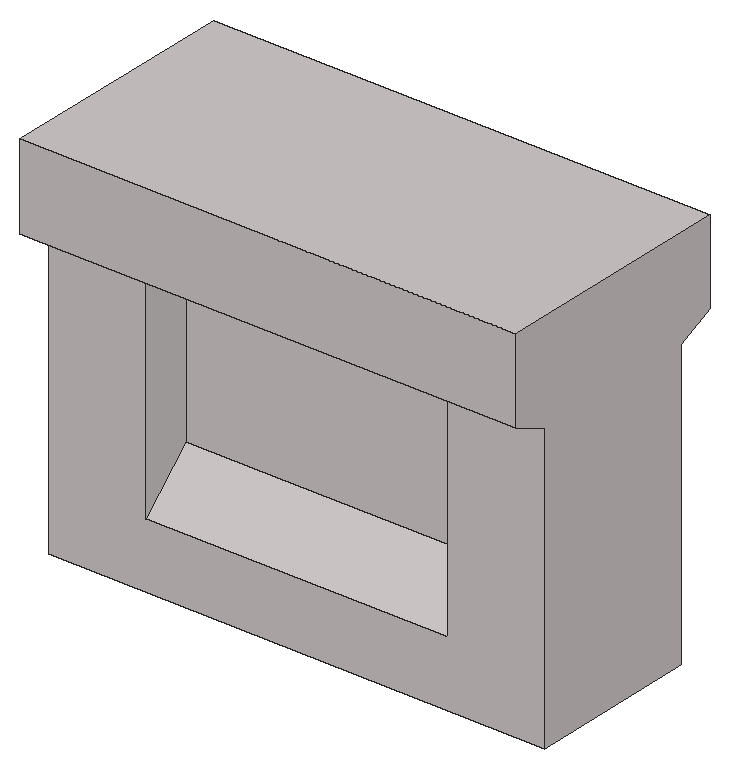
Revit family "M_Suporte reforçado de viga mestra em I pré-moldada", category Quadro estrutural, Revit 2019
Family settings
  Exibir em vistas ocultas = Arestas ocultadas por outros membros
  Arredondamento do comprimento do framing estrutural = 0 mm
  Forma do corte = Não definido
  Material para o comportamento do modelo = Concreto pré-moldado
  Exportar sempre como geometria = Não
  Número OmniClass = 23.25.30.11.14.14
  Título OmniClass = Beams
  ID de item do Seek = Precast-Girder I-Parallel-Support Strengthened-0000-CAN-ENU
  Sempre na vertical = Sim
  Corte com vazios quando carregada = Não
  Representação simbólica = Da família
  Compartilhado = Não
  Exibir o pré-corte da família na vista da planta = Sim
Parameters (values of type "800x350")
  Peso da vara de tirante [instance] = 30
  Vara de tirante W [instance] = (Peso da vara de tirante) * 9.80 kN / 1000  # 0.294 kN
  Structural Material [instance] = Concreto - Moldado in loco - 35 MPa
  Peso do vergalhão simples [instance] = 50
  Vergalhão em W simples [instance] = (Peso do vergalhão simples * 9.80 kN) / 1000  # 0.49 kN
  Peso das grades de vergalhão [instance] = 100
  Grades de vergalhão W [instance] = (Peso das grades de vergalhão * 9.80 kN) / 1000  # 0.98 kN
  Comprimento 2 = 2 mm
  Comprimento 1 = 200 mm
  D6 = 135 mm
  D5 = 100 mm
  D4 = 75 mm
  D3 = 175 mm
  B3 = 150 mm
  B1 = 350 mm
  Código de montagem = "B10"
  Length [instance] = 1524 mm
  B2 = 500 mm
  D1 = 800 mm
Types (3, lengths in mm): name | Comprimento 2 | Comprimento 1 | D6 | D5 | D4 | D3 | B3 | B1 | D1
  (no name) | 2 | 200 | 135 | 100 | 75 | 175 | 150 | 350 | 800
  800x350 | 2 | 200 | 135 | 100 | 75 | 175 | 150 | 350 | 800
  900x300 | 150 | 250 | 150 | 110 | 40 | 120 | 80 | 300 | 900
Reference planes
  plane 1 "Centro (Frente/Trás)": y = 0
  plane 2: z = 0
  plane 3 "Centro (Esquerda/Direita)": x = 4.61
  plane 4 "Membro esquerdo": x = -506.19
  plane 5 "Membro direito": x = 516.61
  plane 6: y = 250
  plane 7: y = -250
  plane 8 "D1": z = 400
  plane 9 "Inferior": z = -400
  plane 10 "Esquerda": x = -757.39
  plane 11 "Direita": x = 766.61
  plane 12: y = 175
  plane 13: y = -175
  plane 14: x = -306.19
  plane 15: x = -304.19
  plane 16: x = 316.61
  plane 17: x = 314.61
  plane 18: x = 5.21
  plane 19: z = 225
  plane 20: y = 75
  plane 21: y = -75
  plane 22: z = 150
  plane 23 "D2": z = 400
  plane 24: z = 225
  plane 25: z = 150
  plane 26: z = -165
  plane 27: z = -265
  plane 28 "D7": z = 400
  plane 29 "D8": z = 400
Forms (mm)
  Blend 1, solid, material "Concreto - Moldado in loco - 35 MPa" <- "Structural Material"
    base sketch origin (4.61, 0, 0) x (0, 1, 0) y (0, 0, 1)
      loop
        line (250, 400) -> (-250, 400) -> (-250, 225) -> (-75, 150) -> (75, 150) -> (250, 225) -> (250, 400)
    top sketch origin (4.61, 0, 0) x (0, 1, 0) y (0, 0, 1)
      loop
        line (250, 400) -> (-250, 400) -> (-250, 225) -> (-75, 150) -> (75, 150) -> (250, 225) -> (250, 400)
    from 0.6 to 512
  Blend 2, solid, material "Concreto - Moldado in loco - 35 MPa" <- "Structural Material"
    base sketch origin (429.51, 0, 0) x (0, 1, 0) y (0, 0, -1)
      loop
        line (250, -400) -> (250, -225) -> (75, -150) -> (-75, -150) -> (-250, -225) -> (-250, -400) -> (250, -400)
    top sketch origin (429.51, 0, 0) x (0, 1, 0) y (0, 0, -1)
      loop
        line (250, -400) -> (250, -225) -> (75, -150) -> (-75, -150) -> (-250, -225) -> (-250, -400) -> (250, -400)
    from 424.3 to 935.7
  Extrusion 3, solid, material "Concreto - Moldado in loco - 35 MPa" <- "Structural Material"
    sketch origin (4.61, 0, 0) x (0, 1, 0) y (0, 0, 1)
      loop
        line (175, -400) -> (175, -265) -> (75, -165) -> (-75, -165) -> (-175, -265) -> (-175, -400) -> (175, -400)
    from -510.8 to 512
  Blend 4, solid, material "Concreto - Moldado in loco - 35 MPa" <- "Structural Material"
    base sketch origin (4.61, 0, 0) x (0, 1, 0) y (0, 0, 1)
      loop
        line (175, -265) -> (175, 400) -> (-175, 400) -> (-175, -265) -> (175, -265)
    top sketch origin (4.61, 0, 0) x (0, 1, 0) y (0, 0, 1)
      loop
        line (75, 400) -> (-75, 400) -> (-75, -165) -> (75, -165) -> (75, 400)
    from -310.8 to -308.8
  Blend 5, solid, material "Concreto - Moldado in loco - 35 MPa" <- "Structural Material"
    base sketch origin (429.51, 0, 0) x (0, 1, 0) y (0, 0, -1)
      loop
        line (175, 265) -> (-175, 265) -> (-175, -400) -> (175, -400) -> (175, 265)
    top sketch origin (429.51, 0, 0) x (0, 1, 0) y (0, 0, -1)
      loop
        line (75, -400) -> (75, 165) -> (-75, 165) -> (-75, -400) -> (75, -400)
    from 112.9 to 114.9
  Blend 6, solid, material "Concreto - Moldado in loco - 35 MPa" <- "Structural Material"
    base sketch origin (4.61, 0, 0) x (0, 1, 0) y (0, 0, 1)
      loop
        line (75, 150) -> (-75, 150) -> (-75, -165) -> (75, -165) -> (75, 150)
    top sketch origin (4.61, 0, 0) x (0, 1, 0) y (0, 0, 1)
      loop
        line (-75, -165) -> (75, -165) -> (75, 400) -> (-75, 400) -> (-75, -165)
    from 0.6 to 310
  Blend 7, solid, material "Concreto - Moldado in loco - 35 MPa" <- "Structural Material"
    base sketch origin (429.51, 0, 0) x (0, 1, 0) y (0, 0, -1)
      loop
        line (75, -150) -> (75, 165) -> (-75, 165) -> (-75, -150) -> (75, -150)
    top sketch origin (429.51, 0, 0) x (0, 1, 0) y (0, 0, -1)
      loop
        line (-75, 165) -> (-75, -400) -> (75, -400) -> (75, 165) -> (-75, 165)
    from 424.3 to 733.7
  Blend 8, solid, material "Concreto - Moldado in loco - 35 MPa" <- "Structural Material"
    base sketch origin (4.61, 0, 0) x (0, 1, 0) y (0, 0, 1)
      loop
        line (175, 400) -> (-175, 400) -> (-175, -265) -> (175, -265) -> (175, 400)
    top sketch origin (4.61, 0, 0) x (0, 1, 0) y (0, 0, 1)
      loop
        line (175, -265) -> (175, 400) -> (-175, 400) -> (-175, -265) -> (175, -265)
    from 312 to 512
  Blend 9, solid, material "Concreto - Moldado in loco - 35 MPa" <- "Structural Material"
    base sketch origin (429.51, 0, 0) x (0, 1, 0) y (0, 0, -1)
      loop
        line (175, -400) -> (175, 265) -> (-175, 265) -> (-175, -400) -> (175, -400)
    top sketch origin (429.51, 0, 0) x (0, 1, 0) y (0, 0, -1)
      loop
        line (175, 265) -> (-175, 265) -> (-175, -400) -> (175, -400) -> (175, 265)
    from 735.7 to 935.7
Cuts and joins
  joined: Blend 1, Blend 2, Extrusion 3, Blend 4, Blend 5, Blend 6, Blend 7, Blend 8, Blend 9
Dimensions and locks
  "B2": plane 6 to plane 7
  equal spacing: plane 9 "Inferior", plane 2, plane 8 "D1"
  equal spacing: plane 6, plane 1 "Centro (Frente/Trás)", plane 7
  "D1": plane 9 "Inferior" to plane 8 "D1"
  "Length": plane 10 "Esquerda" to plane 11 "Direita"
  "B1": plane 12 to plane 13
  equal spacing: plane 12, plane 1 "Centro (Frente/Trás)", plane 13
  "Comprimento 2": plane 14 to plane 15
  "Comprimento 2": plane 17 to plane 16
  equal spacing: plane 15, plane 18, plane 17
  equal spacing: plane 20, plane 1 "Centro (Frente/Trás)", plane 21
  "B3": plane 20 to plane 21
  "D3": plane 8 "D1" to plane 19
  "D4": plane 19 to plane 22
  "D4": plane 24 to plane 25
  "D3": plane 23 "D2" to plane 24
  "D6": plane 9 "Inferior" to plane 27
  "D5": plane 27 to plane 26
  "Comprimento 1": plane 4 "Membro esquerdo" to plane 14
  "Comprimento 1": plane 16 to plane 5 "Membro direito"
  aligned and locked: plane 8 "D1" to Blend 1 sketch curve
  aligned and locked: plane 7 to Blend 1 sketch curve  (x2)
  aligned and locked: Blend 1 sketch curve to plane 6  (x2)
  aligned and locked: plane 22 to Blend 1 sketch curve
  aligned and locked: plane 19 to Blend 1 sketch curve  (x2)
  aligned and locked: plane 21 to Blend 1 sketch curve  (x2)
  aligned and locked: plane 20 to Blend 1 sketch curve  (x2)
  aligned and locked: Blend 1 sketch curve to plane 23 "D2"
  aligned and locked: plane 25 to Blend 1 sketch curve
  aligned and locked: plane 24 to Blend 1 sketch curve  (x2)
  aligned and locked: Blend 1 to plane 18
  aligned and locked: plane 7 to Blend 2 sketch curve  (x2)
  aligned and locked: plane 8 "D1" to Blend 2 sketch curve
  aligned and locked: Blend 2 sketch curve to plane 6  (x2)
  aligned and locked: plane 22 to Blend 2 sketch curve
  aligned and locked: plane 19 to Blend 2 sketch curve  (x2)
  aligned and locked: plane 21 to Blend 2 sketch curve  (x2)
  aligned and locked: plane 20 to Blend 2 sketch curve  (x2)
  aligned and locked: Blend 2 sketch curve to plane 23 "D2"
  aligned and locked: plane 25 to Blend 2 sketch curve
  aligned and locked: plane 24 to Blend 2 sketch curve  (x2)
  aligned and locked: plane 18 to Blend 2
  aligned and locked: Extrusion 3 sketch curve to plane 26
  aligned and locked: plane 9 "Inferior" to Extrusion 3 sketch curve
  aligned and locked: plane 27 to Extrusion 3 sketch curve  (x2)
  aligned and locked: plane 20 to Extrusion 3 sketch curve
  aligned and locked: Extrusion 3 sketch curve to plane 21
  aligned and locked: plane 20 to Blend 4 sketch curve
  aligned and locked: Blend 4 sketch curve to plane 28 "D7"
  aligned and locked: plane 26 to Blend 4 sketch curve
  aligned and locked: Blend 4 sketch curve to Extrusion 3
  aligned and locked: plane 15 to Blend 4
  aligned and locked: plane 17 to Blend 5
  aligned and locked: plane 27 to Blend 5 sketch curve
  aligned and locked: plane 28 "D7" to Blend 5 sketch curve
  aligned and locked: Blend 5 sketch curve to plane 26
  aligned and locked: Blend 5 sketch curve to plane 20
  aligned and locked: Blend 5 sketch curve to plane 21
  aligned and locked: Blend 4 to plane 14
  aligned and locked: Blend 5 to plane 16
  aligned and locked: plane 20 to Blend 6 sketch curve
  aligned and locked: plane 22 to Blend 6 sketch curve
  aligned and locked: plane 26 to Blend 6 sketch curve  (x2)
  aligned and locked: Blend 6 sketch curve to Extrusion 3
  aligned and locked: var sketch to Blend 6 sketch curve
  aligned and locked: plane 28 "D7" to Blend 6 sketch curve
  aligned and locked: Blend 6 sketch curve to plane 20
  aligned and locked: Blend 6 to plane 17
  aligned and locked: Blend 6 to plane 18
  aligned and locked: Blend 7 sketch curve to var sketch
  aligned and locked: plane 18 to Blend 7
  aligned and locked: Blend 7 to plane 15
  aligned and locked: Blend 7 sketch curve to plane 21  (x2)
  aligned and locked: Blend 7 sketch curve to plane 22
  aligned and locked: Blend 7 sketch curve to plane 20  (x2)
  aligned and locked: Blend 7 sketch curve to plane 26  (x2)
  aligned and locked: plane 28 "D7" to Blend 7 sketch curve
  aligned and locked: plane 29 "D8" to Blend 8 sketch curve
  aligned and locked: Blend 8 sketch curve to plane 27
  aligned and locked: Blend 8 sketch curve to var sketch
  aligned and locked: Blend 1 to Blend 8 sketch curve
  aligned and locked: plane 16 to Blend 8
  aligned and locked: Blend 5 sketch curve to plane 29 "D8"
  aligned and locked: Blend 9 sketch curve to var sketch
  aligned and locked: plane 14 to Blend 9
  aligned and locked: plane 29 "D8" to Blend 9 sketch curve
  aligned and locked: Blend 9 sketch curve to plane 27
  aligned and locked: plane 23 "D2" to Blend 9 sketch curve
  aligned and locked: Blend 4 sketch curve to plane 29 "D8"
  aligned and locked: plane 12 to Extrusion 3 sketch curve
  aligned and locked: Extrusion 3 sketch curve to plane 13
  aligned and locked: plane 13 to Extrusion 3 sketch curve
  aligned and locked: plane 13 to Blend 8 sketch curve
  aligned and locked: Blend 8 sketch curve to plane 12
  aligned and locked: plane 12 to Blend 8 sketch curve
  aligned and locked: Blend 8 sketch curve to plane 13
  aligned and locked: Blend 9 sketch curve to plane 13
  aligned and locked: plane 12 to Blend 9 sketch curve
  aligned and locked: Blend 9 sketch curve to plane 12
  aligned and locked: plane 13 to Blend 9 sketch curve
  aligned and locked: plane 13 to Blend 4 sketch curve
  aligned and locked: Blend 4 sketch curve to plane 12
  aligned and locked: plane 27 to Blend 4 sketch curve
  aligned and locked: plane 13 to Blend 5 sketch curve
  aligned and locked: Blend 5 sketch curve to plane 12
  aligned and locked: plane 23 "D2" to plane 8 "D1"
  aligned and locked: plane 8 "D1" to plane 29 "D8"
  aligned and locked: plane 8 "D1" to plane 28 "D7"
  aligned and locked: plane 2 to level
  aligned and locked: plane 4 "Membro esquerdo" to Extrusion 3
  aligned and locked: Extrusion 3 to plane 5 "Membro direito"
  aligned and locked: Blend 1 to plane 5 "Membro direito"
  aligned and locked: plane 4 "Membro esquerdo" to Blend 2
  aligned and locked: Blend 8 to plane 5 "Membro direito"
  aligned and locked: plane 4 "Membro esquerdo" to Blend 9
